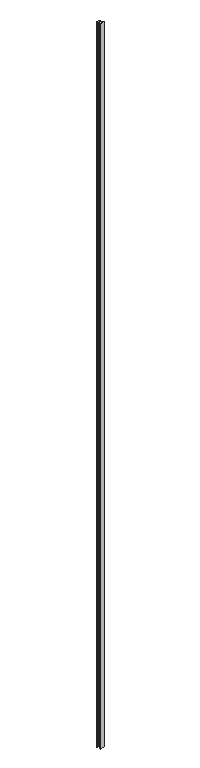
Revit family "Standard-Wall-Mtd-SC_Rakks", category Specialty Equipment, Revit 2026
Family settings
  Round Connector Dimension = Use Diameter
  Part Type = Normal
  Classification Number = 23.40.50.31.11.14
  Work Plane-Based = No
  Enable Cutting in Views = No
  Always vertical = Yes
  Cut with Voids When Loaded = No
  Maintain Annotation Orientation = No
  Shared = Yes
  Room Calculation Point = No
Parameters
  Warranty Duration (Years) = 0
  Unit Height [instance] = 8' - 0"
  URL = "http://www.rakks.com/"
  Test Data = "http://www.rakks.com/pdfs/Rangine_Corporation_Leed_Statement.pdf"
  Specification = "http://www.arcat.com/sdspecs/htm/10670rak.htm"
  Send Message = "http://www.arcat.com/users.pl?action=UserEmail&company=Rangine%20Corp.%20-%20Rakks&coid=35076&rep=116&fax=781-455-8702&mf="
  Sales Information = "http://store.rakks.com/"
  Revision = "R1_03-2010"
  Product Properties = "http://www.arcat.com/bim/bim_info.pl?fn=Shelving_Rakks"
  Product Data = "http://www.arcat.com/arcatcos/cos35/arc35076.html"
  Model = ""
  Material = Metal - Clear Anodized
  Manufacturer Website = "http://www.rakks.com/"
  Manufacturer Phone - Toll Free = "800-826-6006"
  Manufacturer Phone = "781-455-8700"
  Manufacturer Fax = "781-455-8702"
  Manufacturer Address = "330 Reservoir St., Needham, MA 02494"
  Manufacturer = "Rangine Corp. - Rakks"
  Maintenance Schedule (Months) = 0
  Keynote = "10 56 00"
  Installation-Fabrication = "http://www.rakks.com/literature/install.html"
  Installation Phase = ""
  Green Building-LEED = "http://www.arcat.com/green/clients/leed_data_35076.html"
  Expected Lifespan (Years) = 0
  Drawn By = "Robert S. Weygant, CSI, CDT, SCIP"
  Description = ""
  Default Elevation = 0' - 0"
  Copyright = "2010, ARCAT, Inc"
  Construction Details = "http://www.arcat.com/details/rangine/rangine.html?coid=35076"
  Capacity (Weight) = 0.00 lbf
  Building Codes = ""
  Assembly Code = "E1010500"
Reference planes (in)
  plane 1 "Center (Front/Back)": y = 0
  plane 2: z = 0
  plane 3 "Center (Left/Right)": x = 0
  plane 4: z = 96
  plane 5: y = -0.52799
Forms (in)
  Extrusion 1, solid, material "Metal - Clear Anodized" <- "Material"
    sketch origin (0, 0, 0) x (1, 0, 0) y (0, 1, 0)
      loop
        line (-0.35, 0) -> (-0.35, -0.52799) -> (-0.18985, -0.52799)
        arc (-0.18985, -0.52799) -> (-0.14002, -0.47817) -> (-0.18985, -0.42834) r 0.04983
        line (-0.18985, -0.42834) -> (-0.3, -0.428) -> (-0.3, -0.088) -> (0.3, -0.088) -> (0.3, -0.428) -> (0.18985, -0.428)
        arc (0.18985, -0.428) -> (0.14002, -0.47817) -> (0.18985, -0.52799) r 0.04983
        line (0.18985, -0.52799) -> (0.35, -0.52799) -> (0.35, 0) -> (-0.35, 0)
    from 0 to 96
Dimensions and locks (in)
  "Unit Height": plane 4 to plane 2
  aligned and locked: plane 4 to Extrusion 1
Automatic sketch dimensions
  Extrusion 1 sketch curve to plane 1 "Center (Front/Back)" = 0' - 0"
  Extrusion 1 sketch curve to plane 3 "Center (Left/Right)" = 0' - 0.35"
  Extrusion 1 sketch curve to Extrusion 1 sketch curve = 0' - 0.05"  (x2)
  Extrusion 1 sketch curve to Extrusion 1 sketch curve = 0' - 0.11015"  (x2)
  Extrusion 1 sketch curve to Extrusion 1 sketch curve = 0' - 0"  (x2)
  plane 3 "Center (Left/Right)" to Extrusion 1 sketch curve = 0' - 0.18985"
  plane 1 "Center (Front/Back)" to Extrusion 1 sketch curve = 0' - 0.088"
  Extrusion 1 sketch curve to Extrusion 1 sketch curve = 0' - 0.34"  (x2)
  Extrusion 1 sketch curve to Extrusion 1 sketch curve = 0' - 0.00034"  (x2)
  Extrusion 1 sketch curve to Extrusion 1 sketch curve = 0' - 0.04983"  (x2)
